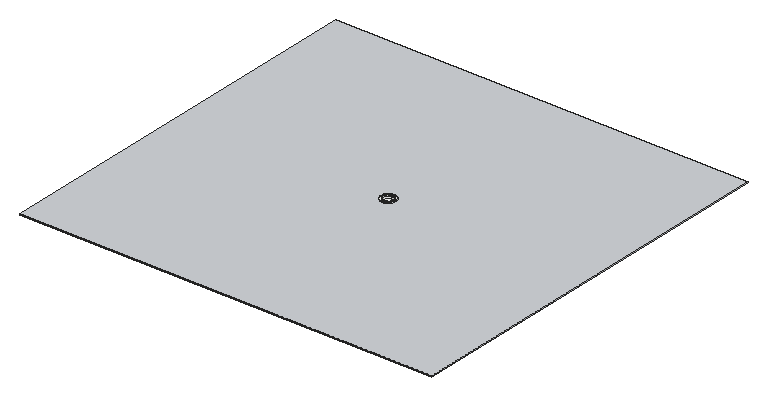
Revit family "en-halla-basi-recessedrfa", category Осветительные приборы, Revit 2017
Family settings
  Основа = Грань
  Размер круглого соединителя = Использовать диаметр
  Тип детали = Нормальный
  Номер OmniClass = 23.80.70.11.11
  Заголовок OmniClass = General Luminaries, Non Directional
  При загрузке вырезать с полостями = Нет
  Источник света = Нет
  Общий = Нет
  Точка расчета площади = Нет
Parameters
  Полная установленная мощность = Power input  # 84 VA
  Youtube clip = ""
  Weight Net (Kg) = "0"
  Изготовитель = "HALLA"  # constant formula
  Default Elevation = 2000 mm
  Voltage = ""
  Uniclass 2.0 Description = "Luminaires And Lamps"
  Uniclass 2.0 Code = "PR-49"
  Uniclass 1.4 Description = "Luminaires and lamps"
  Uniclass 1.4 Code = "JY73"
  URL = "www.halla.cz"
  UNSPSC Code = "3911"
  Technical description = ""
  Switched on [instance] = yes
  Switched off [instance] = not(Switched on)  # no
  Source used = ""
  Source type = ""
  Shape of luminaire = ""
  Region South America = "All"
  Region Oceania = "All"
  Region North America = "All"
  Region Middle East = "All"
  Region Europe = "All"
  Region Asia = "All"
  Region Antarctica = "All"
  Region Africa = "All"
  QR code = "http://file-system.ru/catalog/zdaniya_i_sooruzheniya/interer/osveshchenie/halla_basi_svetilnik_tochechnyy/"
  Protection class = ""
  Product group = "BASI"
  Product family = "Indoor Luminaires"
  Product data url = ""
  Product code = ""
  Product certification = ""
  Product URL = ""
  Product SKU = "basi"
  Price (EUR) = 0
  Power input = 84 W
  Description = ""
  Optics type = ""
  Number of sources = 1
  Nominal width = "0.00"
  Nominal height = "140.00"
  NBS Reference Description = "Luminaires And Lamps"
  NBS Reference Code = "49"
  Model = ""
  Material secondary = ""
  Material of luminaire = "Plech"
  Material main = "Sheet metal"
  Manufacturer name = "HALLA"
  Manufacturer country = "Czech Republic"
  Lighting width = 135 mm
  Lighting length = 135 mm
  Lighting height = 140 mm
  Lighting dimensions = ""
  LED source = yes
  Installation instructions = ""
  Installation instruction = ""
  Initial intensity = ""
  Initial colour = ""
  IP Code = ""
  IFC Classification = "Light Fixture"
  Frequency = ""
  Energy class = ""
  Electric potential = 230 V  # constant formula
  Код по классификатору = "D5020200"
  Edition number = "1"
  EAN code = ""
  EAN = ""
  Distribution = ""
  Designer = ""
  Design country = "Czech Republic"
  Depth = "0.00"
  Date of publishing = "2014-12-13"
  Data sheet = ""
  Control gear option = ""
  Colour of luminaire = Sheet metal - white
  COBIe Type Category = ""
Reference planes
  plane 1 "Střed (vpředu/vzadu)": y = 0
  plane 2: z = 0
  plane 3 "Střed (vlevo/vpravo)": x = 0
  plane 4 "BP_Světlo spodní": z = -140
  plane 5 "BP_Světlo horní": z = 0
  plane 6 "BP_Zdroj světla": z = -70
Forms (mm)
  Extrusion 1, solid
    sketch origin (0, 0, 0) x (1, 0, 0) y (0, 1, 0)
      loop
        line (-1940, 1820) -> (-1940, -1847.056) -> (1875.718, -1847.056) -> (1875.718, 1820) -> (-1940, 1820)
    from 0 to -10
  Extrusion 2, void
    sketch origin (0, 0, -140) x (-1, 0, 0) y (0, -1, 0)
      loop
        circle (0, 0) r 63
    from -46.921 to 140
  Revolve 3, solid, material "Sheet metal - white" <- "Colour of luminaire"
    sketch origin (0, 0, 0) x (1, 0, 0) y (0, 0, 1)
      loop
        line (-67.339, 0) -> (-49.147, 0) -> (-49.147, 2.39) -> (-56.797, 2.39) -> (-67.339, 0.908) -> (-67.339, 0)
      axis (0, 0) -> (0, 2.39)
    angle from 0 to 360
  Revolve 4, solid, material "Diffuser - light switched on", visible <- "Switched off"
    sketch origin (0, 0, 0) x (1, 0, 0) y (0, 0, 1)
      loop
        line (0, -57.973) -> (-16.127, -57.973) -> (-16.127, -59.828) -> (0, -59.828) -> (0, -57.973)
      axis (0, -59.828) -> (0, -57.973)
    angle from 0 to 360
  Revolve 5, solid, material "Diffuser - light switched off", visible <- "Switched on"
    sketch origin (0, 0, 0) x (1, 0, 0) y (0, 0, 1)
      loop
        line (0, -57.973) -> (-16.127, -57.973) -> (-16.127, -59.828) -> (0, -59.828) -> (0, -57.973)
      axis (0, -59.828) -> (0, -57.973)
    angle from 0 to 360
  Revolve 6, solid, material "Sheet metal - white" <- "Colour of luminaire"
    sketch origin (0, 0, 0) x (0, 1, 0) y (0, 0, 1)
      loop
        line (49.147, 0) -> (49.147, -2.864) -> (44.344, -21.508) -> (33.108, -41.778) -> (16.267, -57.965) -> (0, -57.973) -> (0, -124.864) -> (25.553, -124.864) -> (25.553, -84.864) -> (19.525, -76.864) -> (17.054, -76.864) -> (17.054, -58.402) -> (33.731, -42.373) -> (45.153, -21.767) -> (50.229, -2.064) -> (50.229, 0) -> (49.147, 0)
      axis (0, 0) -> (0, -124.864)
    angle from 0 to 360
Dimensions and locks
  equal spacing: plane 5 "BP_Světlo horní", plane 6 "BP_Zdroj světla", plane 4 "BP_Světlo spodní"
  "Lighting height": plane 5 "BP_Světlo horní" to plane 4 "BP_Světlo spodní"
  plane 5 "BP_Světlo horní" to level = 0 mm
  aligned and locked: Extrusion 1 to plane 2
  aligned and locked: Extrusion 1 to level
  aligned and locked: level to Extrusion 2
Automatic sketch dimensions
  Extrusion 1 sketch curve to Extrusion 1 sketch curve = 3815.718 mm
  Extrusion 1 sketch curve to Extrusion 1 sketch curve = 3667.056 mm
  plane 1 "Střed (vpředu/vzadu)" to Extrusion 2 sketch curve = 0 mm
  Extrusion 2 sketch curve to plane 3 "Střed (vlevo/vpravo)" = 0 mm
  Revolve 3 sketch curve to level = 0 mm
  level to Revolve 3 sketch curve = 0.908 mm
  Revolve 3 sketch curve to plane 3 "Střed (vlevo/vpravo)" = 67.339 mm
  level to Revolve 3 sketch curve = 2.39 mm
  Revolve 3 sketch curve to Revolve 3 sketch curve = 10.543 mm
  Revolve 3 sketch curve to Revolve 3 sketch curve = 7.649 mm
  Revolve 4 sketch curve to plane 3 "Střed (vlevo/vpravo)" = 0 mm  (x2)
  Revolve 4 sketch curve to Revolve 4 sketch curve = 16.127 mm
  plane 6 "BP_Zdroj světla" to Revolve 4 sketch curve = 10.172 mm
  Revolve 4 sketch curve to Revolve 4 sketch curve = 1.854 mm
  Revolve 4 sketch curve to Revolve 4 sketch curve = 2.758 mm
  Revolve 4 sketch curve to Revolve 4 sketch curve = 1.316 mm
  Revolve 5 sketch curve to plane 3 "Střed (vlevo/vpravo)" = 0 mm  (x2)
  Revolve 5 sketch curve to plane 3 "Střed (vlevo/vpravo)" = 16.127 mm
  plane 6 "BP_Zdroj světla" to Revolve 5 sketch curve = 10.172 mm
  Revolve 5 sketch curve to Revolve 5 sketch curve = 1.854 mm
  Revolve 5 sketch curve to Revolve 5 sketch curve = 2.758 mm
  Revolve 5 sketch curve to Revolve 5 sketch curve = 1.316 mm
  Revolve 6 sketch curve to plane 1 "Střed (vpředu/vzadu)" = 0 mm
  Revolve 6 sketch curve to level = 0 mm
  Revolve 6 sketch curve to plane 1 "Střed (vpředu/vzadu)" = 16.267 mm
  Revolve 6 sketch curve to plane 6 "BP_Zdroj světla" = 6.864 mm
  Revolve 6 sketch curve to plane 1 "Střed (vpředu/vzadu)" = 17.054 mm
  Revolve 6 sketch curve to Revolve 6 sketch curve = 2.471 mm
  Revolve 6 sketch curve to Revolve 6 sketch curve = 6.028 mm
  Revolve 6 sketch curve to Revolve 6 sketch curve = 16.055 mm
  Revolve 6 sketch curve to Revolve 6 sketch curve = 0.623 mm
  Revolve 6 sketch curve to level = 21.508 mm
  Revolve 6 sketch curve to Revolve 6 sketch curve = 11.236 mm
  Revolve 6 sketch curve to level = 21.767 mm
  Revolve 6 sketch curve to Revolve 6 sketch curve = 0.809 mm
  Revolve 6 sketch curve to level = 2.064 mm
  Revolve 6 sketch curve to Revolve 6 sketch curve = 5.885 mm
  Revolve 6 sketch curve to Revolve 6 sketch curve = 8 mm
  plane 4 "BP_Světlo spodní" to Revolve 6 sketch curve = 15.136 mm
  plane 6 "BP_Zdroj světla" to Revolve 6 sketch curve = 11.598 mm
  plane 6 "BP_Zdroj světla" to Revolve 6 sketch curve = 12.027 mm
  Revolve 6 sketch curve to Revolve 6 sketch curve = 0.438 mm
  Revolve 6 sketch curve to Revolve 6 sketch curve = 16.029 mm
  Revolve 6 sketch curve to Revolve 6 sketch curve = 0.595 mm
  Revolve 6 sketch curve to level = 2.864 mm
  Revolve 6 sketch curve to Revolve 6 sketch curve = 1.082 mm
  radius of Extrusion 2 sketch curve = 63 mm
Nested families
  nested 1: "BASI - source" at (0, 0, -57.9), type "BASI - source"
Definition of nested family "BASI - source"
  Parameters
    built-in parameter 1150104 = 13.8 (stored number, unit not read)
    Tilt Angle = -90.00°  # constant formula
    built-in parameter 1150112 = 1 (stored number, unit not read)
    built-in parameter 1114218 = 1 (stored number, unit not read)
    built-in parameter 1150109 = 1 (stored number, unit not read)
    built-in parameter 1150110 = 1 (stored number, unit not read)
    built-in parameter 1150133 = 10 (stored number, unit not read)
    built-in parameter 1150134 = 3
    Lumens = 1380 lm
    Photometric Web File = "BASI 1 70-001S-1.ies"
    Wattage = 9.2903 W
    built-in parameter 1150107 = 3200 (stored number, unit not read)
    built-in parameter 1150102 = (empty or 0)
    built-in parameter 1150138 = (empty or 0)
    Dimming Lamp Color Temperature Shift = (empty or 0)
    built-in parameter 1150114 = 1 (stored number, unit not read)
    built-in parameter 1150115 = 1 (stored number, unit not read)
    built-in parameter 1150106 = 1.0982 (stored number, unit not read)
    built-in parameter 1150137 = (empty or 0)
    built-in parameter 1150132 = 2
    built-in parameter 1150105 = 109.82 (stored number, unit not read)
    built-in parameter 1150139 = (empty or 0)
    built-in parameter 1150113 = 1 (stored number, unit not read)
    Emit from Circle Diameter = 40 mm  # constant formula
    Emit Shape Visible in Rendering = 1 < 2  # yes
    built-in parameter 1114217 = 1 (stored number, unit not read)
    Color Filter = 16777215
  Reference planes
    plane 1 "Střed (vpředu/vzadu)": y = 0
    plane 2: z = 0
    plane 3 "Střed (vlevo/vpravo)": x = 0
  Dimensions and locks
    aligned and locked: level to plane 2
